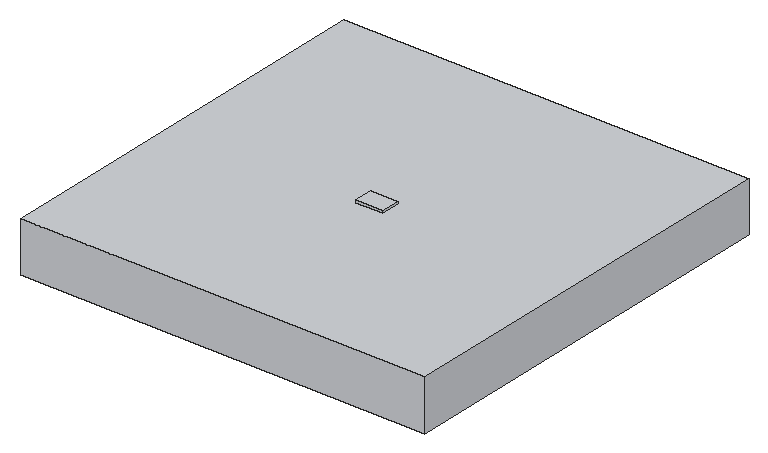
Revit family "M_Estação de funcionários", category Dispositivos de chamada de enfermeira, Revit 2019
Family settings
  Hospedeiro = Face
  Manter orientação da anotação = Sim
  Cota do conector redondo = Utilizar diâmetro
  Tipo de parte = Normal
  Número OmniClass = 23.85.30.24.14
  Título OmniClass = Nurse Call Systems
  ID de item do Seek = Staff Station-0000-CAN-ENU
  Corte com vazios quando carregada = Não
  Compartilhado = Não
  Ponto de cálculo do ambiente = Não
Parameters (values of type "Padrão")
  Projeto = 13 mm
  Legenda = "SS"
  Elevação-padrão = 1200 mm
  Largura da placa frontal = 114 mm
  Material da placa frontal = none
  Comprimento da placa frontal = 162 mm
  Altura da placa frontal = 70 mm
Reference planes
  plane 1 "Centro (Frente/Trás)": y = 0
  plane 2: z = 0
  plane 3 "Centro (Esquerda/Direita)": x = 0
  plane 4: y = -114
  plane 5: x = -81
  plane 6: x = 81
  plane 7: z = 13
  plane 8: z = -57
  plane 9: x = -68.3
  plane 10: x = 68.3
  plane 11: y = -12.7
  plane 12: y = -101.3
Forms (mm)
  Extrusion 1, solid
    sketch origin (0, 0, 0) x (1, 0, 0) y (0, 1, 0)
      loop
        line (-1219.2, 1219.2) -> (-1219.2, -1219.2) -> (1219.2, -1219.2) -> (1219.2, 1219.2) -> (-1219.2, 1219.2)
    from 0 to -304.8
  Extrusion 2, solid, material <- "Material da placa frontal"
    sketch origin (0, 0, 0) x (1, 0, 0) y (0, 1, 0)
      loop
        line (-81, 0) -> (-81, -114) -> (81, -114) -> (81, 0) -> (-81, 0)
    from 0 to 13
  Extrusion 3, solid, material <- "Material da placa frontal"
    sketch origin (0, 0, 0) x (1, 0, 0) y (0, 1, 0)
      loop
        line (-68.3, -12.7) -> (-68.3, -101.3) -> (68.3, -101.3) -> (68.3, -12.7) -> (-68.3, -12.7)
    from -57 to 0
Lines and regions (mm)
  symbolic lines, detail levels fine
    curve 1: line (81, 0, 13) -> (-81, 0, 13)
    curve 2: line (-81, 0, 13) -> (-81, 0, 0)
    curve 3: line (81, 0, 0) -> (81, 0, 13)
    curve 4: line (-81, 0, 0) -> (81, 0, 0)
    curve 5: line (-68.3, 0, 0) -> (-68.3, 0, -57)
    curve 6: line (68.3, 0, -57) -> (68.3, 0, 0)
    curve 7: line (-68.3, 0, -57) -> (68.3, 0, -57)
Dimensions and locks
  equal spacing: plane 5, plane 3 "Centro (Esquerda/Direita)", plane 6
  "Comprimento da placa frontal": plane 5 to plane 6
  "Largura da placa frontal": plane 1 "Centro (Frente/Trás)" to plane 4
  locked: plane 5 to plane 9 at 12.7
  locked: plane 10 to plane 6 at 12.7
  locked: plane 1 "Centro (Frente/Trás)" to plane 11 at 12.7
  locked: plane 12 to plane 4 at 12.7
  "Altura da placa frontal": plane 7 to plane 8
  "Projeto": plane 7 to plane 2
  aligned and locked: plane 2 to Extrusion 1
  aligned and locked: level to Extrusion 1
  aligned and locked: plane 5 to Extrusion 2 sketch curve
  aligned and locked: plane 1 "Centro (Frente/Trás)" to Extrusion 2 sketch curve
  aligned and locked: plane 4 to Extrusion 2 sketch curve
  aligned and locked: Extrusion 2 sketch curve to plane 6
  aligned and locked: plane 9 to Extrusion 3 sketch curve
  aligned and locked: Extrusion 3 sketch curve to plane 11
  aligned and locked: plane 12 to Extrusion 3 sketch curve
  aligned and locked: Extrusion 3 sketch curve to plane 10
  aligned and locked: Extrusion 3 to plane 8
  aligned and locked: plane 7 to Extrusion 2
  aligned and locked: Extrusion 2 to plane 2
  aligned and locked: plane 2 to Extrusion 3
  aligned and locked: curve 1 to Extrusion 2
  aligned and locked: curve 2 to Extrusion 2
  aligned and locked: curve 3 to Extrusion 2
  aligned and locked: curve 4 to Extrusion 2
  aligned and locked: curve 5 to Extrusion 3
  aligned and locked: curve 6 to Extrusion 3
  aligned and locked: curve 7 to Extrusion 3
  aligned and locked: plane 1 "Centro (Frente/Trás)" to nested 1
  aligned and locked: plane 3 "Centro (Esquerda/Direita)" to nested 1
Automatic sketch dimensions
  Extrusion 1 sketch curve to Extrusion 1 sketch curve = 2438.4 mm  (x2)
Nested families
  nested 1: "M_Anotação da estação de funcionários" at (0, 0, 0), type "Anotação da estação de funcionários", detail levels coarse+medium
Connectors
  electrical at (0, -12.7, -28.5)
    settings: on Extrusion 3, index 1, voltage 0 V, apparent load 0 VA, apparent load phase1 0 VA, apparent load phase2 0 VA, apparent load phase3 0 VA, power factor 1, load classification "Outros", number of poles 1, system type 12, power factor state 1, is connector primary yes, connector utility no, sub classification motor no, connector description ""
Definition of nested family "M_Anotação da estação de funcionários"
  Parameters
    Anotação de legenda = "SS"
  Reference planes
    plane 1: y = 0
    plane 2: x = 0
  Lines and regions (mm)
    reference lines
      curve 1: line (3.175, 11.258, 0) -> (3.175, -5.783, 0)
      curve 2: line (-3.175, 11.258, 0) -> (-3.175, -5.783, 0)
      curve 3: line (-4.907, 3.969, 0) -> (19.767, 3.969, 0)
      curve 4: line (-4.907, 0, 0) -> (19.767, 0, 0)
    detail lines
      curve 5: line (-3.175, 3.969, 0) -> (3.175, 3.969, 0)
      curve 6: line (-3.175, 0, 0) -> (-3.175, 3.969, 0)
      curve 7: line (3.175, 0, 0) -> (-3.175, 0, 0)
      curve 8: line (3.175, 3.969, 0) -> (3.175, 0, 0)
  Text (mm)
    label "ND" at (-2.326, 1.904, 0), shows "Anotação de legenda"
  Dimensions and locks
    locked: plane 2 to curve 1 at 3.175
    locked: curve 2 to plane 2 at 3.175
    locked: curve 4 to plane 1 at 0
    locked: curve 4 to curve 3 at 3.969
    aligned and locked: curve 3 to curve 5
    aligned and locked: curve 1 to curve 8
    aligned and locked: curve 7 to curve 4
    aligned and locked: curve 6 to curve 2
